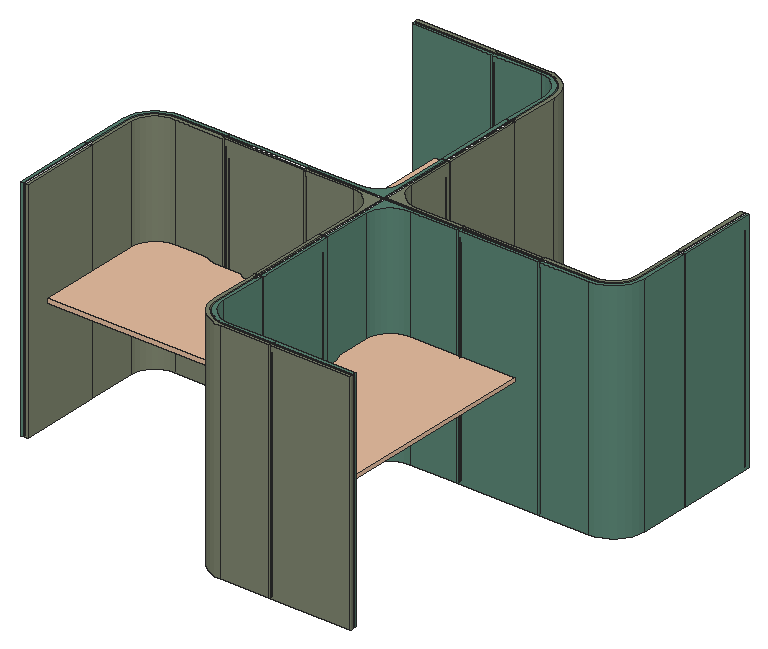
Revit family "NBS_Senator_MeetingPods_Enclave4Windmill", category Furniture, Revit 2018
Family settings
  Work Plane-Based = No
  Always vertical = Yes
  Cut with Voids When Loaded = No
  Shared = No
  Room Calculation Point = No
Parameters
  WindmillWidth = 2950 mm  # constant formula
  WindmillHeight = 1400 mm
  WindmillDepth = 2950 mm  # constant formula
  WarrantyStartDate [instance] = "1900-12-31T23:59:59"
  WarrantyGuarantorParts = "contactus@thesenatorgroup.com"
  WarrantyGuarantorLabor = "n/a"
  WarrantyDurationUnit = "year"
  WarrantyDurationParts = "10"
  WarrantyDurationLabor = "n/a"
  WarrantyDescription = "Senator warrants that its manufactured products are free from manufacturing defects - in materials or workmanship - for a period of ten (10) years on Senator Seating ranges; and fifteen (15) years on Senator Desking ranges - exceptions are listed below. Senator will repair or replace (at Senator’s sole discretion) with comparable free of charge materials / components, any product / component, which fails under normal use in a single shift environment, as a result of a defect in the materials and / or workmanship"
  Version = "1"  # constant formula
  Uniclass2015Version = "Products v1.16"
  Uniclass2015Title = "Meeting Pods"
  Uniclass2015Code = "Pr_40_50_12_53"
  TagNumber [instance] = "n/a"
  SustainabilityPerformance = "99% recyclable"
  Style = "Pods"
  Status = "UNSET"
  Size = "1950 x 2950 x 1400 mm"
  Shape = "n/a"
  SerialNumber [instance] = "n/a"
  SeatWidth = "n/a"
  SeatDepth = "n/a"
  Revision = "n/a"
  ReplacementCost = "n/a"
  Reference = "n/a"
  ProductInformation = "http://www.thesenatorgroup.com/uk/senator/"
  NominalWidth = 2950 mm
  NominalLength = 2950 mm
  NominalHeight = 1400 mm
  NominalDepth = 1950 mm
  Name = "MeetingPods_Enclave4Windmill_PDEN4W14_Senator"
  NBSReference = "45-35-20/342"
  NBSDescription = "Meeting pods"
  NBSCertification = "www.nationalbimlibrary.com/cert/wdwktxqi"
  ModelReference = "Pods-Enclave4Windmill_PDEN4W14"
  ModelNumber = "PDEN4W14"
  Material = "Fabric, metal, plastic"
  ManufacturerURL = "www.senator.co.uk"
  ManufacturerName = "The Senator Group"  # constant formula
  Manufacturer = "sales@senator.co.uk"
  MainColor = "n/a"
  IsBuiltIn = no
  InstallationDate [instance] = "1900-12-31T23:59:59"
  InnerPanelMaterial2 = NBS_Senator_VirginWool_Montcrest
  InnerPanelMaterial1 = NBS_Senator_VirginWool_Lancaster
  IfcExportType = "USERDEFINED"  # constant formula
  IfcExportAs = "IfcFurnitureType"  # constant formula
  Grade = "n/a"
  FramesColour = "Black, white"
  FrameMaterial = NBS_Senator_Aluminium_Rigid_Siver
  TableTopMaterial = NBS_Senator_Wood_HighlandOak_2
  FinishOptions = "Carini walnut, mocha, autumn, strata oak, maple, highland oak, beech, winter oak, hacienda white, white, light grey, denim, clay, lemon sorbet"
  Finish = "Outer vertical panels upholstered in camira, blazer fabric Two tone is standard"
  Features = "Internal frame with multi-layered acoustic foam, levelling adjusters, blazer fabric, outer vertical panels"
  FabricFinishOptions = "Plymouth, fairfield, latymer, lancaster, silcoates, silverdale, st andrews, trevelyan, ulster, wellington, wesley, manchester,"
  ExpectedLife = "10"
  DurationUnit = "year"
  Description = "Enclave Windmill - 1400mm high"
  Constituents = "n/a"
  Color = "n/a"
  CodePerformance = "n/a"
  Category = "Pr_40_50_12_53:Meeting pods"
  BarCode [instance] = "n/a"
  BIMObjectName = "NBS_Senator_MeetingPods_Enclave4Windmill_PDEN4W14"
  Author = "NBS"  # constant formula
  AssetType = "Fixed"
  AssetIdentifier [instance] = "n/a"
  Accessories = "Monitor arms, PU desk accessories, desk top accessories, CPU holders, electrical accessories, coat hanger, name plate, A2 dry wipe board with hanger, A3 dry wipe board with hanger"
  AccessibilityPerformance = "n/a"
Types (3, lengths in mm): name | WindmillHeight | Size | Name | ModelReference | ModelNumber | Description | BIMObjectName
  (no name) | 1400 | "1950 x 2950 x 1400 mm" | "MeetingPods_Enclave4Windmill_PDEN4W14_Senator" | "Pods-Enclave4Windmill_PDEN4W14" | "PDEN4W14" | "Enclave Windmill - 1400mm high" | "NBS_Senator_MeetingPods_Enclave4Windmill_PDEN4W14"
  PDEN4W14 | 1400 | "1950 x 2950 x 1400 mm" | "MeetingPods_Enclave4Windmill_PDEN4W14_Senator" | "Pods-Enclave4Windmill_PDEN4W14" | "PDEN4W14" | "Enclave Windmill - 1400mm high" | "NBS_Senator_MeetingPods_Enclave4Windmill_PDEN4W14"
  PDEN4W18 | 1800 | "1950 x 2950 x 1800 mm" | "MeetingPods_Enclave4Windmill_PDEN4W18_Senator" | "Pods-Enclave4Windmill_PDEN4W18" | "PDEN4W18" | "Enclave Windmill - 1800mm high" | "NBS_Senator_MeetingPods_Enclave4Windmill_PDEN4W18"
Reference planes
  plane 1 "Center (Front/Back)": y = 0
  plane 2: z = 0
  plane 3 "Center (Left/Right)": x = 0
  plane 4 "Back": y = 1475
  plane 5 "Front": y = -1475
  plane 6 "Left": x = -1475
  plane 7 "Right": x = 1475
  plane 8 "Top": z = 1400
  plane 9: y = 1425
  plane 10: x = -1425
  plane 11: y = -1425
  plane 12: x = 1425
  plane 13: x = -25
  plane 14: x = 25
  plane 15: y = 1455
  plane 16: y = 1445
  plane 17: x = -1455
  plane 18: x = -1445
  plane 19: y = -1445.041
  plane 20: y = -1455
  plane 21: x = 1445
  plane 22: x = 1455
  plane 23: y = 25
  plane 24: y = -25
  plane 25: y = 5
  plane 26: y = -5
  plane 27: x = -5
  plane 28: x = 5
  plane 29 "TableHeight": z = 709.775
Forms (mm)
  Extrusion 1, solid, material "NBS_Senator_VirginWool_Lancaster" <- "InnerPanelMaterial1", detail levels fine
    sketch origin (0, 0, 0) x (1, 0, 0) y (0, 1, 0)
      loop
        line (-469.155, 1455) -> (-170, 1455)
        arc (-170, 1455) -> (-46.256, 1403.744) -> (5, 1280) r 175
        line (5, 1280) -> (5, 977.95)
        arc (5, 977.95) -> (15, 972.949) -> (25, 977.95) r 12.5
        line (25, 977.95) -> (25, 1280)
        arc (25, 1280) -> (-32.114, 1417.886) -> (-170, 1475) r 195
        line (-170, 1475) -> (-469.155, 1475)
        arc (-469.155, 1475) -> (-474.336, 1465) -> (-469.155, 1455) r 12.24
      loop
        line (1275, 25) -> (976.114, 25)
        arc (976.114, 25) -> (971.114, 15) -> (976.114, 5) r 12.5
        line (976.114, 5) -> (1280, 5)
        arc (1280, 5) -> (1396.673, 53.327) -> (1445, 170) r 165
        line (1445, 170) -> (1445, 469.104)
        arc (1445, 469.104) -> (1435, 474.119) -> (1425, 469.104) r 12.477
        line (1425, 469.104) -> (1425, 175)
        arc (1425, 175) -> (1381.066, 68.934) -> (1275, 25) r 150
      loop
        line (1425, 966.404) -> (1425, 480.104)
        arc (1425, 480.104) -> (1435, 475.063) -> (1445, 480.104) r 12.439
        line (1445, 480.104) -> (1445, 966.404)
        arc (1445, 966.404) -> (1435, 971.445) -> (1425, 966.404) r 12.439
      loop
        line (25, 175) -> (25, 469.65)
        arc (25, 469.65) -> (15, 474.65) -> (5, 469.65) r 12.5
        line (5, 469.65) -> (5, 5) -> (467.814, 5)
        arc (467.814, 5) -> (472.814, 15) -> (467.814, 25) r 12.5
        line (467.814, 25) -> (175, 25)
        arc (175, 25) -> (68.934, 68.934) -> (25, 175) r 150
      loop
        line (-1425, -966.404) -> (-1425, -480.104)
        arc (-1425, -480.104) -> (-1435, -474.919) -> (-1445, -480.104) r 12.235
        line (-1445, -480.104) -> (-1445, -966.404)
        arc (-1445, -966.404) -> (-1435, -971.449) -> (-1425, -966.404) r 12.433
      loop
        line (-1275, -25) -> (-976.114, -25)
        arc (-976.114, -25) -> (-971.114, -15) -> (-976.114, -5) r 12.5
        line (-976.114, -5) -> (-1280, -5)
        arc (-1280, -5) -> (-1396.673, -53.327) -> (-1445, -170) r 165
        line (-1445, -170) -> (-1445, -469.104)
        arc (-1445, -469.104) -> (-1435, -474.222) -> (-1425, -469.104) r 12.329
        line (-1425, -469.104) -> (-1425, -175)
        arc (-1425, -175) -> (-1381.066, -68.934) -> (-1275, -25) r 150
      loop
        line (-25, -175) -> (-25, -469.65)
        arc (-25, -469.65) -> (-15, -474.65) -> (-5, -469.65) r 12.5
        line (-5, -469.65) -> (-5, -5) -> (-467.815, -5)
        arc (-467.815, -5) -> (-472.815, -15) -> (-467.815, -25) r 12.501
        line (-467.815, -25) -> (-175, -25)
        arc (-175, -25) -> (-68.934, -68.934) -> (-25, -175) r 150
      loop
        arc (469.154, -1475) -> (474.154, -1465) -> (469.154, -1455) r 12.5
        line (469.154, -1455) -> (170, -1455)
        arc (170, -1455) -> (46.256, -1403.744) -> (-5, -1280) r 175
        line (-5, -1280) -> (-5, -977.949)
        arc (-5, -977.949) -> (-15, -972.949) -> (-25, -977.949) r 12.501
        line (-25, -977.949) -> (-25, -1280)
        arc (-25, -1280) -> (32.114, -1417.886) -> (170, -1475) r 195
        line (170, -1475) -> (469.154, -1475)
      loop
        line (5, 966.949) -> (5, 480.65)
        arc (5, 480.65) -> (15, 475.65) -> (25, 480.65) r 12.5
        line (25, 480.65) -> (25, 966.949)
        arc (25, 966.949) -> (15, 971.949) -> (5, 966.949) r 12.5
      loop
        line (478.814, 5) -> (965.114, 5)
        arc (965.114, 5) -> (970.114, 15) -> (965.114, 25) r 12.501
        line (965.114, 25) -> (478.814, 25)
        arc (478.814, 25) -> (473.814, 15) -> (478.814, 5) r 12.501
      loop
        arc (-25, -966.949) -> (-15, -971.949) -> (-5, -966.949) r 12.5
        line (-5, -966.949) -> (-5, -480.65)
        arc (-5, -480.65) -> (-15, -475.65) -> (-25, -480.65) r 12.5
        line (-25, -480.65) -> (-25, -966.949)
      loop
        line (-478.815, -5) -> (-965.114, -5)
        arc (-965.114, -5) -> (-970.115, -15) -> (-965.114, -25) r 12.5
        line (-965.114, -25) -> (-478.815, -25)
        arc (-478.815, -25) -> (-473.815, -15) -> (-478.815, -5) r 12.5
      loop
        line (966.404, -1454.959) -> (480.104, -1454.959)
        arc (480.104, -1454.959) -> (475.088, -1464.979) -> (480.104, -1475) r 12.517
        line (480.104, -1475) -> (966.404, -1475)
        arc (966.404, -1475) -> (971.488, -1464.979) -> (966.404, -1454.959) r 12.416
      loop
        line (-480.688, 1475.041) -> (-966.988, 1475.041)
        arc (-966.988, 1475.041) -> (-972.004, 1465.021) -> (-966.988, 1455) r 12.517
        line (-966.988, 1455) -> (-480.688, 1455)
        arc (-480.688, 1455) -> (-475.604, 1465.021) -> (-480.688, 1475.041) r 12.416
    from 0 to 1400
  Extrusion 2, solid, material "NBS_Senator_VirginWool_Montcrest" <- "InnerPanelMaterial2", detail levels fine
    sketch origin (0, 0, 0) x (1, 0, 0) y (0, 1, 0)
      loop
        line (-966.404, 1425) -> (-480.104, 1425)
        arc (-480.104, 1425) -> (-474.988, 1435) -> (-480.104, 1445) r 12.331
        line (-480.104, 1445) -> (-966.404, 1445)
        arc (-966.404, 1445) -> (-971.611, 1435) -> (-966.404, 1425) r 12.205
      loop
        line (-25, 1275) -> (-25, 976.245)
        arc (-25, 976.245) -> (-15, 971.039) -> (-5, 976.245) r 12.207
        line (-5, 976.245) -> (-5, 1280)
        arc (-5, 1280) -> (-53.327, 1396.673) -> (-170, 1445) r 165
        line (-170, 1445) -> (-469.104, 1445)
        arc (-469.104, 1445) -> (-474.278, 1435) -> (-469.104, 1425) r 12.251
        line (-469.104, 1425) -> (-175, 1425)
        arc (-175, 1425) -> (-68.934, 1381.066) -> (-25, 1275) r 150
      loop
        line (-175, 25) -> (-469.65, 25)
        arc (-469.65, 25) -> (-474.65, 15) -> (-469.65, 5) r 12.5
        line (-469.65, 5) -> (-5, 5) -> (-5, 467.81)
        arc (-5, 467.81) -> (-15, 472.815) -> (-25, 467.81) r 12.493
        line (-25, 467.81) -> (-25, 175)
        arc (-25, 175) -> (-68.934, 68.934) -> (-175, 25) r 150
      loop
        line (-1475, -170) -> (-1475, -469.155)
        arc (-1475, -469.155) -> (-1465, -474.336) -> (-1455, -469.155) r 12.24
        line (-1455, -469.155) -> (-1455, -170)
        arc (-1455, -170) -> (-1403.744, -46.256) -> (-1280, 5) r 175
        line (-1280, 5) -> (-977.95, 5)
        arc (-977.95, 5) -> (-972.949, 15) -> (-977.95, 25) r 12.499
        line (-977.95, 25) -> (-1280, 25)
        arc (-1280, 25) -> (-1417.886, -32.114) -> (-1475, -170) r 195
      loop
        line (966.404, -1425) -> (480.104, -1425)
        arc (480.104, -1425) -> (475.088, -1435.021) -> (480.104, -1445.041) r 12.517
        line (480.104, -1445.041) -> (966.404, -1445.041)
        arc (966.404, -1445.041) -> (971.488, -1435.021) -> (966.404, -1425) r 12.416
      loop
        line (25, -1275) -> (25, -976.114)
        arc (25, -976.114) -> (15.024, -971.114) -> (5.048, -976.114) r 12.452
        line (5.048, -976.114) -> (5.048, -1280.041)
        arc (5.048, -1280.041) -> (53.376, -1396.714) -> (170.048, -1445.041) r 165
        line (170.048, -1445.041) -> (469.104, -1445.041)
        arc (469.104, -1445.041) -> (474.111, -1435.021) -> (469.104, -1425) r 12.531
        line (469.104, -1425) -> (175, -1425)
        arc (175, -1425) -> (68.934, -1381.066) -> (25, -1275) r 150
      loop
        line (175, -25) -> (469.65, -25)
        arc (469.65, -25) -> (474.65, -15) -> (469.65, -5) r 12.5
        line (469.65, -5) -> (5.048, -5) -> (5.048, -467.815)
        arc (5.048, -467.815) -> (15.024, -472.815) -> (25, -467.815) r 12.452
        line (25, -467.815) -> (25, -175)
        arc (25, -175) -> (68.934, -68.934) -> (175, -25) r 150
      loop
        line (1475, 170) -> (1475, 469.154)
        arc (1475, 469.154) -> (1465, 474.155) -> (1455, 469.154) r 12.499
        line (1455, 469.154) -> (1455, 170)
        arc (1455, 170) -> (1403.744, 46.256) -> (1280, -5) r 175
        line (1280, -5) -> (977.96, -5)
        arc (977.96, -5) -> (972.949, -15) -> (977.96, -25) r 12.484
        line (977.96, -25) -> (1280, -25)
        arc (1280, -25) -> (1417.886, 32.114) -> (1475, 170) r 195
      loop
        line (-25, 965.114) -> (-25, 478.815)
        arc (-25, 478.815) -> (-15, 473.814) -> (-5, 478.815) r 12.5
        line (-5, 478.815) -> (-5, 965.114)
        arc (-5, 965.114) -> (-15, 970.114) -> (-25, 965.114) r 12.5
      loop
        arc (-480.65, 5) -> (-475.65, 15) -> (-480.65, 25) r 12.5
        line (-480.65, 25) -> (-966.949, 25)
        arc (-966.949, 25) -> (-971.949, 15) -> (-966.949, 5) r 12.5
        line (-966.949, 5) -> (-480.65, 5)
      loop
        line (966.949, -5) -> (480.65, -5)
        arc (480.65, -5) -> (475.65, -15) -> (480.65, -25) r 12.5
        line (480.65, -25) -> (966.949, -25)
        arc (966.949, -25) -> (971.949, -15) -> (966.949, -5) r 12.5
      loop
        line (5.048, -478.815) -> (5.048, -965.114)
        arc (5.048, -965.114) -> (15.024, -970.115) -> (25, -965.114) r 12.451
        line (25, -965.114) -> (25, -478.815)
        arc (25, -478.815) -> (15.024, -473.815) -> (5.048, -478.815) r 12.451
      loop
        line (1454.959, 966.404) -> (1454.959, 480.104)
        arc (1454.959, 480.104) -> (1464.979, 475.088) -> (1475, 480.104) r 12.517
        line (1475, 480.104) -> (1475, 966.404)
        arc (1475, 966.404) -> (1464.979, 971.488) -> (1454.959, 966.404) r 12.416
      loop
        line (-1475, -480.104) -> (-1475, -966.404)
        arc (-1475, -966.404) -> (-1464.979, -971.42) -> (-1454.959, -966.404) r 12.517
        line (-1454.959, -966.404) -> (-1454.959, -480.104)
        arc (-1454.959, -480.104) -> (-1464.979, -475.02) -> (-1475, -480.104) r 12.416
    from 0 to 1400
  Extrusion 3, solid, material "NBS_Senator_Aluminium_Rigid_Siver" <- "FrameMaterial", detail levels fine
    sketch origin (0, 0, 0) x (1, 0, 0) y (0, 1, 0)
      loop
        line (-1445, -966.404) -> (-1445, -449.031) -> (-1455, -449.031) -> (-1455, -966.404)
        arc (-1455, -966.404) -> (-1450, -969.305) -> (-1445, -966.404) r 5.759
      loop
        line (-996.187, 5) -> (-996.187, -5) -> (-478.293, -5)
        arc (-478.293, -5) -> (-474.567, 0) -> (-478.293, 5) r 5.218
        line (-478.293, 5) -> (-996.187, 5)
      loop
        line (996.216, 5) -> (478.293, 5)
        arc (478.293, 5) -> (474.521, 0) -> (478.293, -5) r 5.2
        line (478.293, -5) -> (996.216, -5) -> (996.216, 5)
      loop
        arc (-468.337, 5) -> (-472.054, 0) -> (-468.337, -5) r 5.221
        line (-468.337, -5) -> (-4.993, -5) -> (-4.993, -470.171)
        arc (-4.993, -470.171) -> (0.028, -473.914) -> (5.05, -470.171) r 5.24
        line (5.05, -470.171) -> (5.05, -5) -> (468.336, -5)
        arc (468.336, -5) -> (472.077, 0) -> (468.336, 5) r 5.212
        line (468.336, 5) -> (5, 5) -> (5, 470.171)
        arc (5, 470.171) -> (0, 473.889) -> (-5, 470.171) r 5.221
        line (-5, 470.171) -> (-5, 5) -> (-468.337, 5)
      loop
        line (-4.993, -998.022) -> (5.05, -998.022) -> (5.05, -480.128)
        arc (5.05, -480.128) -> (0.028, -476.385) -> (-4.993, -480.128) r 5.24
        line (-4.993, -480.128) -> (-4.993, -998.022)
      loop
        line (-5, 998.021) -> (-5, 480.128)
        arc (-5, 480.128) -> (0, 476.411) -> (5, 480.128) r 5.221
        line (5, 480.128) -> (5, 998.021) -> (-5, 998.021)
      loop
        arc (966.975, -1455) -> (970.677, -1450.021) -> (966.975, -1445.041) r 5.2
        line (966.975, -1445.041) -> (449.081, -1445.041) -> (449.081, -1455) -> (966.975, -1455)
      loop
        line (1445, 449.031) -> (1455, 449.031) -> (1455, 966.925)
        arc (1455, 966.925) -> (1450, 970.727) -> (1445, 966.925) r 5.189
        line (1445, 966.925) -> (1445, 449.031)
      loop
        line (-966.988, 1445) -> (-449.053, 1445) -> (-449.053, 1455) -> (-966.988, 1455)
        arc (-966.988, 1455) -> (-970.759, 1450) -> (-966.988, 1445) r 5.2
    from 0 to 1400
  Extrusion 4, solid, material "NBS_Senator_VirginWool_Lancaster" <- "InnerPanelMaterial1", detail levels coarse+medium
    sketch origin (0, 0, 0) x (1, 0, 0) y (0, 1, 0)
      loop
        arc (-959.23, 1476.25) -> (-985.792, 1449.687) -> (-959.23, 1423.125) r 26.562
        line (-959.23, 1423.125) -> (-175.849, 1423.125)
        arc (-175.849, 1423.125) -> (-69.8, 1379.198) -> (-25.874, 1273.15) r 149.975
        line (-25.874, 1273.15) -> (-25.874, 176.25)
        arc (-25.874, 176.25) -> (-69.808, 70.184) -> (-175.874, 26.25) r 150
        line (-175.874, 26.25) -> (-1283.2, 26.25)
        arc (-1283.2, 26.25) -> (-1421.086, -30.864) -> (-1478.2, -168.75) r 195
        line (-1478.2, -168.75) -> (-1478.2, -963.595)
        arc (-1478.2, -963.595) -> (-1450.7, -991.095) -> (-1423.2, -963.595) r 27.5
        line (-1423.2, -963.595) -> (-1423.2, -175.952)
        arc (-1423.2, -175.952) -> (-1379.266, -69.886) -> (-1273.2, -25.952) r 150
        line (-1273.2, -25.952) -> (-177.749, -25.952)
        arc (-177.749, -25.952) -> (-71.683, -69.886) -> (-27.749, -175.952) r 150
        line (-27.749, -175.952) -> (-27.749, -1282.867)
        arc (-27.749, -1282.867) -> (29.366, -1420.753) -> (167.251, -1477.867) r 195
        line (167.251, -1477.867) -> (954.4, -1477.867)
        arc (954.4, -1477.867) -> (982.525, -1449.742) -> (954.4, -1421.617) r 28.125
        line (954.4, -1421.617) -> (178.039, -1421.617)
        arc (178.039, -1421.617) -> (71.973, -1377.683) -> (28.039, -1271.617) r 150
        line (28.039, -1271.617) -> (28.039, -177.437)
        arc (28.039, -177.437) -> (71.973, -71.371) -> (178.039, -27.437) r 150
        line (178.039, -27.437) -> (1276.789, -27.437)
        arc (1276.789, -27.437) -> (1418.21, 31.142) -> (1476.789, 172.563) r 200
        line (1476.789, 172.563) -> (1476.789, 967.162)
        arc (1476.789, 967.162) -> (1450.539, 993.412) -> (1424.289, 967.162) r 26.25
        line (1424.289, 967.162) -> (1424.289, 175.688)
        arc (1424.289, 175.688) -> (1380.355, 69.622) -> (1274.289, 25.688) r 150
        line (1274.289, 25.688) -> (176.47, 25.688)
        arc (176.47, 25.688) -> (70.404, 69.622) -> (26.47, 175.688) r 150
        line (26.47, 175.688) -> (26.47, 1281.25)
        arc (26.47, 1281.25) -> (-30.644, 1419.136) -> (-168.53, 1476.25) r 195
        line (-168.53, 1476.25) -> (-959.23, 1476.25)
    from 0 to 1400
Dimensions and locks
  equal spacing: plane 6 "Left", plane 3 "Center (Left/Right)", plane 7 "Right"
  "WindmillWidth": plane 6 "Left" to plane 7 "Right"
  equal spacing: plane 4 "Back", plane 1 "Center (Front/Back)", plane 5 "Front"
  "WindmillDepth": plane 4 "Back" to plane 5 "Front"
  "WindmillHeight": plane 8 "Top" to level
  equal spacing: plane 13, plane 3 "Center (Left/Right)", plane 14
  locked: plane 13 to plane 14 at 50
  locked: plane 4 "Back" to plane 9 at 50
  locked: plane 11 to plane 5 "Front" at 50
  locked: plane 6 "Left" to plane 10 at 50
  locked: plane 12 to plane 7 "Right" at 50
  locked: plane 4 "Back" to plane 15 at 20
  locked: plane 16 to plane 9 at 20
  locked: plane 6 "Left" to plane 17 at 20
  locked: plane 18 to plane 10 at 20
  locked: plane 11 to plane 19 at 20.041
  locked: plane 20 to plane 5 "Front" at 20
  locked: plane 12 to plane 21 at 20
  locked: plane 22 to plane 7 "Right" at 20
  equal spacing: plane 23, plane 1 "Center (Front/Back)", plane 24
  plane 23 to plane 24 = 50 mm
  locked: plane 23 to plane 25 at 20
  locked: plane 26 to plane 24 at 20
  locked: plane 28 to plane 14 at 20
  locked: plane 13 to plane 27 at 20
  locked: plane 29 "TableHeight" to level at 709.775
  aligned and locked: level to plane 2
  aligned and locked: Extrusion 1 to plane 8 "Top"
  aligned and locked: Extrusion 2 sketch curve to plane 27
  aligned and locked: Extrusion 2 to plane 8 "Top"
  aligned and locked: plane 13 to nested 1
  aligned and locked: nested 1 to plane 9
  aligned and locked: nested 2 to plane 23
  aligned and locked: plane 14 to nested 2
  aligned and locked: plane 14 to nested 3
  aligned and locked: plane 24 to nested 3
  aligned and locked: plane 24 to nested 4
  aligned and locked: plane 13 to nested 4
  aligned and locked: nested 4 to plane 29 "TableHeight"
  aligned and locked: nested 1 to plane 29 "TableHeight"
  aligned and locked: nested 3 to plane 29 "TableHeight"
  aligned and locked: nested 2 to plane 29 "TableHeight"
  aligned and locked: plane 25 to Extrusion 3 sketch curve
  aligned and locked: Extrusion 3 sketch curve to plane 26
  aligned and locked: Extrusion 3 sketch curve to plane 27
  aligned and locked: Extrusion 3 sketch curve to plane 28
  aligned and locked: Extrusion 3 to plane 8 "Top"
  aligned and locked: Extrusion 4 to plane 8 "Top"
Automatic sketch dimensions
  Extrusion 3 sketch curve to plane 17 = 0 mm
  Extrusion 3 sketch curve to plane 18 = 0 mm
  Extrusion 3 sketch curve to plane 25 = 0 mm  (x3)
  Extrusion 3 sketch curve to plane 16 = 0 mm
  plane 1 "Center (Front/Back)" to Extrusion 3 sketch curve = 0 mm  (x4)
  Extrusion 3 sketch curve to plane 26 = 0 mm  (x3)
  Extrusion 3 sketch curve to plane 27 = 0 mm
  Extrusion 3 sketch curve to plane 3 "Center (Left/Right)" = 0 mm  (x2)
  Extrusion 3 sketch curve to plane 28 = 0 mm
  Extrusion 3 sketch curve to plane 19 = 0 mm
  Extrusion 3 sketch curve to plane 20 = 0 mm
  Extrusion 3 sketch curve to plane 21 = 0 mm
  Extrusion 3 sketch curve to plane 22 = 0 mm
  Extrusion 3 sketch curve to plane 17 = 5 mm
  plane 10 to Extrusion 3 sketch curve = 428.813 mm
  plane 10 to Extrusion 3 sketch curve = 459.441 mm
  Extrusion 3 sketch curve to plane 13 = 454.784 mm
  Extrusion 3 sketch curve to Extrusion 3 sketch curve = 1.491 mm
  Extrusion 3 sketch curve to Extrusion 3 sketch curve = 9.957 mm  (x3)
  Extrusion 3 sketch curve to Extrusion 3 sketch curve = 1.504 mm  (x3)
  Extrusion 3 sketch curve to plane 13 = 424.053 mm
  plane 27 to Extrusion 3 sketch curve = 0.007 mm  (x2)
  plane 3 "Center (Left/Right)" to Extrusion 3 sketch curve = 0.028 mm  (x2)
  Extrusion 3 sketch curve to plane 28 = 0.05 mm  (x2)
  Extrusion 3 sketch curve to plane 14 = 424.081 mm
  Extrusion 3 sketch curve to plane 14 = 441.866 mm
  Extrusion 3 sketch curve to Extrusion 3 sketch curve = 1.471 mm
  Extrusion 3 sketch curve to Extrusion 3 sketch curve = 9.956 mm
  Extrusion 3 sketch curve to Extrusion 3 sketch curve = 1.428 mm  (x2)
  Extrusion 3 sketch curve to plane 19 = 4.979 mm
  Extrusion 3 sketch curve to plane 12 = 459.523 mm
  Extrusion 3 sketch curve to Extrusion 3 sketch curve = 1.498 mm
  Extrusion 3 sketch curve to plane 12 = 428.784 mm
  plane 21 to Extrusion 3 sketch curve = 5 mm
  plane 11 to Extrusion 3 sketch curve = 426.978 mm
  plane 11 to Extrusion 3 sketch curve = 458.596 mm
  Extrusion 3 sketch curve to Extrusion 3 sketch curve = 2.857 mm
  Extrusion 3 sketch curve to plane 24 = 456.624 mm
  Extrusion 3 sketch curve to Extrusion 3 sketch curve = 1.496 mm
  Extrusion 3 sketch curve to Extrusion 3 sketch curve = 1.497 mm
  Extrusion 3 sketch curve to plane 24 = 424.031 mm
  plane 23 to Extrusion 3 sketch curve = 424.031 mm
  plane 23 to Extrusion 3 sketch curve = 443.667 mm
  Extrusion 3 sketch curve to plane 9 = 459.462 mm
  Extrusion 3 sketch curve to Extrusion 3 sketch curve = 1.387 mm
  Extrusion 3 sketch curve to plane 9 = 426.979 mm
  Extrusion 3 sketch curve to Extrusion 3 sketch curve = 0 mm
  Extrusion 3 sketch curve to plane 15 = 0 mm
  Extrusion 4 sketch curve to plane 6 "Left" = 3.2 mm
  Extrusion 4 sketch curve to plane 17 = 4.3 mm
  Extrusion 4 sketch curve to Extrusion 4 sketch curve = 140 mm
  Extrusion 4 sketch curve to plane 24 = 0.952 mm
  Extrusion 4 sketch curve to Extrusion 4 sketch curve = 10 mm
  plane 16 to Extrusion 4 sketch curve = 4.687 mm
  plane 10 to Extrusion 4 sketch curve = 465.77 mm
  Extrusion 4 sketch curve to plane 13 = 152.749 mm
  Extrusion 4 sketch curve to plane 13 = 150.874 mm
  Extrusion 4 sketch curve to plane 9 = 1.875 mm
  Extrusion 4 sketch curve to plane 13 = 150.849 mm
  Extrusion 4 sketch curve to Extrusion 4 sketch curve = 7.319 mm
  Extrusion 4 sketch curve to plane 13 = 2.749 mm
  Extrusion 4 sketch curve to plane 13 = 0.874 mm
  Extrusion 4 sketch curve to plane 14 = 1.47 mm
  Extrusion 4 sketch curve to plane 14 = 3.039 mm
  Extrusion 4 sketch curve to Extrusion 4 sketch curve = 139.212 mm
  Extrusion 4 sketch curve to Extrusion 4 sketch curve = 150 mm  (x2)
  Extrusion 4 sketch curve to Extrusion 4 sketch curve = 10.788 mm
  plane 11 to Extrusion 4 sketch curve = 3.383 mm
  Extrusion 4 sketch curve to plane 12 = 470.6 mm
  Extrusion 4 sketch curve to plane 12 = 150.711 mm
  Extrusion 4 sketch curve to Extrusion 4 sketch curve = 2.5 mm
  Extrusion 4 sketch curve to plane 12 = 0.711 mm
  Extrusion 4 sketch curve to plane 22 = 4.461 mm
  Extrusion 4 sketch curve to plane 19 = 4.701 mm
  plane 11 to Extrusion 4 sketch curve = 461.405 mm
  Extrusion 4 sketch curve to Extrusion 4 sketch curve = 1.484 mm
  Extrusion 4 sketch curve to Extrusion 4 sketch curve = 7.202 mm
  plane 23 to Extrusion 4 sketch curve = 0.688 mm
  Extrusion 4 sketch curve to plane 9 = 457.838 mm
  Extrusion 1 sketch curve to Extrusion 1 sketch curve = 0 mm  (x5)
  Extrusion 1 sketch curve to plane 18 = 0 mm  (x2)
  Extrusion 1 sketch curve to plane 10 = 0 mm  (x2)
  Extrusion 1 sketch curve to plane 26 = 0 mm  (x3)
  Extrusion 1 sketch curve to plane 24 = 0 mm  (x3)
  Extrusion 1 sketch curve to plane 15 = 0 mm  (x2)
  Extrusion 1 sketch curve to plane 4 "Back" = 0 mm
  Extrusion 1 sketch curve to plane 13 = 0 mm  (x3)
  Extrusion 1 sketch curve to plane 27 = 0 mm  (x3)
  Extrusion 1 sketch curve to plane 28 = 0 mm  (x3)
  Extrusion 1 sketch curve to plane 14 = 0 mm  (x2)
  Extrusion 1 sketch curve to plane 20 = 0 mm
  Extrusion 1 sketch curve to plane 23 = 0 mm  (x3)
  Extrusion 1 sketch curve to plane 25 = 0 mm  (x3)
  Extrusion 1 sketch curve to plane 5 "Front" = 0 mm
  Extrusion 1 sketch curve to plane 12 = 0 mm  (x2)
  Extrusion 1 sketch curve to plane 21 = 0 mm  (x2)
  Extrusion 1 sketch curve to plane 10 = 10 mm  (x3)
  plane 10 to Extrusion 1 sketch curve = 145 mm
  Extrusion 1 sketch curve to Extrusion 1 sketch curve = 5 mm  (x2)
  plane 24 to Extrusion 1 sketch curve = 10 mm  (x2)
  Extrusion 1 sketch curve to Extrusion 1 sketch curve = 291.385 mm
  Extrusion 1 sketch curve to Extrusion 1 sketch curve = 7.5 mm  (x11)
  plane 4 "Back" to Extrusion 1 sketch curve = 0.041 mm
  plane 10 to Extrusion 1 sketch curve = 458.012 mm
  Extrusion 1 sketch curve to Extrusion 1 sketch curve = 11 mm  (x12)
  Extrusion 1 sketch curve to Extrusion 1 sketch curve = 7.502 mm  (x2)
  Extrusion 1 sketch curve to plane 4 "Back" = 9.979 mm
  Extrusion 1 sketch curve to plane 13 = 463.02 mm
  Extrusion 1 sketch curve to plane 13 = 461.314 mm
  Extrusion 1 sketch curve to Extrusion 1 sketch curve = 7.332 mm  (x2)
  Extrusion 1 sketch curve to Extrusion 1 sketch curve = 7.499 mm  (x2)
  Extrusion 1 sketch curve to Extrusion 1 sketch curve = 11.534 mm  (x2)
  Extrusion 1 sketch curve to Extrusion 1 sketch curve = 7.059 mm
  Extrusion 1 sketch curve to Extrusion 1 sketch curve = 7.501 mm  (x4)
  Extrusion 1 sketch curve to plane 13 = 150 mm
  Extrusion 1 sketch curve to plane 9 = 145 mm
  plane 13 to Extrusion 1 sketch curve = 10 mm  (x4)
  plane 14 to Extrusion 1 sketch curve = 10 mm  (x4)
  Extrusion 1 sketch curve to plane 14 = 145 mm
  Extrusion 1 sketch curve to plane 14 = 150 mm
  Extrusion 1 sketch curve to plane 23 = 10 mm  (x2)
  Extrusion 1 sketch curve to Extrusion 1 sketch curve = 285.315 mm
  plane 5 "Front" to Extrusion 1 sketch curve = 10 mm
  Extrusion 1 sketch curve to Extrusion 1 sketch curve = 291.655 mm
  plane 20 to Extrusion 1 sketch curve = 0.041 mm
  Extrusion 1 sketch curve to Extrusion 1 sketch curve = 10.95 mm  (x2)
  Extrusion 1 sketch curve to plane 12 = 467.387 mm
  Extrusion 1 sketch curve to plane 20 = 9.979 mm
  Extrusion 1 sketch curve to plane 12 = 465.928 mm
  Extrusion 1 sketch curve to Extrusion 1 sketch curve = 10.999 mm  (x2)
  Extrusion 1 sketch curve to Extrusion 1 sketch curve = 150 mm
  plane 12 to Extrusion 1 sketch curve = 10 mm  (x3)
  Extrusion 1 sketch curve to Extrusion 1 sketch curve = 294.55 mm
  plane 11 to Extrusion 1 sketch curve = 458.596 mm
  Extrusion 1 sketch curve to Extrusion 1 sketch curve = 7.387 mm
  Extrusion 1 sketch curve to Extrusion 1 sketch curve = 313.149 mm
  Extrusion 1 sketch curve to Extrusion 1 sketch curve = 312.154 mm
  Extrusion 1 sketch curve to Extrusion 1 sketch curve = 7.05 mm
  Extrusion 1 sketch curve to Extrusion 1 sketch curve = 7.211 mm
  Extrusion 1 sketch curve to Extrusion 1 sketch curve = 286.642 mm
  Extrusion 1 sketch curve to Extrusion 1 sketch curve = 287.15 mm
  Extrusion 1 sketch curve to Extrusion 1 sketch curve = 7.462 mm
  Extrusion 1 sketch curve to Extrusion 1 sketch curve = 7.397 mm  (x2)
  Extrusion 1 sketch curve to plane 9 = 465.994 mm
  Extrusion 1 sketch curve to Extrusion 1 sketch curve = 320.55 mm
  Extrusion 2 sketch curve to Extrusion 2 sketch curve = 0 mm  (x5)
  Extrusion 2 sketch curve to plane 6 "Left" = 0 mm
  Extrusion 2 sketch curve to plane 17 = 0 mm
  plane 18 to Extrusion 2 sketch curve = 30 mm
  Extrusion 2 sketch curve to plane 25 = 0 mm  (x3)
  Extrusion 2 sketch curve to plane 23 = 0 mm  (x2)
  Extrusion 2 sketch curve to plane 9 = 0 mm  (x2)
  Extrusion 2 sketch curve to plane 16 = 0 mm  (x2)
  Extrusion 2 sketch curve to plane 13 = 0 mm  (x3)
  Extrusion 2 sketch curve to plane 27 = 0 mm  (x2)
  Extrusion 2 sketch curve to plane 26 = 0 mm  (x3)
  Extrusion 2 sketch curve to plane 14 = 0 mm  (x3)
  Extrusion 2 sketch curve to plane 19 = 0 mm  (x2)
  Extrusion 2 sketch curve to plane 24 = 0 mm  (x3)
  Extrusion 2 sketch curve to plane 11 = 0 mm  (x2)
  Extrusion 2 sketch curve to plane 22 = 0 mm
  Extrusion 2 sketch curve to plane 7 "Right" = 0 mm
  plane 6 "Left" to Extrusion 2 sketch curve = 10 mm
  Extrusion 2 sketch curve to plane 10 = 39.979 mm  (x2)
  Extrusion 2 sketch curve to plane 10 = 29.959 mm
  plane 10 to Extrusion 2 sketch curve = 145 mm
  Extrusion 2 sketch curve to plane 23 = 10 mm  (x2)
  Extrusion 2 sketch curve to Extrusion 2 sketch curve = 294.552 mm
  Extrusion 2 sketch curve to Extrusion 2 sketch curve = 7.499 mm  (x3)
  Extrusion 2 sketch curve to Extrusion 2 sketch curve = 11.001 mm  (x2)
  plane 10 to Extrusion 2 sketch curve = 458.596 mm
  Extrusion 2 sketch curve to Extrusion 2 sketch curve = 7.5 mm  (x7)
  Extrusion 2 sketch curve to Extrusion 2 sketch curve = 6.998 mm
  Extrusion 2 sketch curve to plane 13 = 463.149 mm
  plane 9 to Extrusion 2 sketch curve = 10 mm
  Extrusion 2 sketch curve to plane 13 = 462.319 mm
  Extrusion 2 sketch curve to Extrusion 2 sketch curve = 7.215 mm
  Extrusion 2 sketch curve to Extrusion 2 sketch curve = 11 mm  (x10)
  Extrusion 2 sketch curve to Extrusion 2 sketch curve = 7.078 mm
  Extrusion 2 sketch curve to plane 13 = 150 mm
  Extrusion 2 sketch curve to Extrusion 2 sketch curve = 150 mm
  Extrusion 2 sketch curve to Extrusion 2 sketch curve = 5 mm
  plane 13 to Extrusion 2 sketch curve = 10 mm  (x4)
  Extrusion 2 sketch curve to plane 28 = 0.048 mm  (x3)
  plane 14 to Extrusion 2 sketch curve = 9.976 mm  (x4)
  plane 11 to Extrusion 2 sketch curve = 144.959 mm
  Extrusion 2 sketch curve to plane 14 = 150 mm
  Extrusion 2 sketch curve to Extrusion 2 sketch curve = 4.952 mm
  Extrusion 2 sketch curve to plane 11 = 10.021 mm  (x2)
  Extrusion 2 sketch curve to Extrusion 2 sketch curve = 286.581 mm
  plane 24 to Extrusion 2 sketch curve = 10 mm  (x2)
  Extrusion 2 sketch curve to Extrusion 2 sketch curve = 287.15 mm
  Extrusion 2 sketch curve to Extrusion 2 sketch curve = 7.523 mm
  Extrusion 2 sketch curve to Extrusion 2 sketch curve = 7.502 mm  (x3)
  Extrusion 2 sketch curve to plane 12 = 465.928 mm
  Extrusion 2 sketch curve to plane 12 = 465.55 mm
  Extrusion 2 sketch curve to Extrusion 2 sketch curve = 7.332 mm  (x3)
  Extrusion 2 sketch curve to Extrusion 2 sketch curve = 11.011 mm  (x2)
  Extrusion 2 sketch curve to Extrusion 2 sketch curve = 7.473 mm
  Extrusion 2 sketch curve to plane 12 = 145 mm
  Extrusion 2 sketch curve to plane 22 = 0.041 mm
  plane 22 to Extrusion 2 sketch curve = 9.979 mm  (x2)
  Extrusion 2 sketch curve to plane 7 "Right" = 10 mm
  Extrusion 2 sketch curve to Extrusion 2 sketch curve = 291.434 mm
  Extrusion 2 sketch curve to Extrusion 2 sketch curve = 7.452 mm
  plane 11 to Extrusion 2 sketch curve = 458.596 mm
  Extrusion 2 sketch curve to Extrusion 2 sketch curve = 7.451 mm  (x3)
  Extrusion 2 sketch curve to Extrusion 2 sketch curve = 317.436 mm
  Extrusion 2 sketch curve to Extrusion 2 sketch curve = 311.266 mm
  Extrusion 2 sketch curve to Extrusion 2 sketch curve = 10.95 mm  (x2)
  Extrusion 2 sketch curve to Extrusion 2 sketch curve = 7.059 mm
  Extrusion 2 sketch curve to Extrusion 2 sketch curve = 285.322 mm
  Extrusion 2 sketch curve to Extrusion 2 sketch curve = 291.655 mm
  Extrusion 2 sketch curve to Extrusion 2 sketch curve = 7.488 mm
  Extrusion 2 sketch curve to Extrusion 2 sketch curve = 11.005 mm
  Extrusion 2 sketch curve to Extrusion 2 sketch curve = 317.385 mm
  Extrusion 2 sketch curve to plane 9 = 465.928 mm
  Extrusion 2 sketch curve to Extrusion 2 sketch curve = 11.131 mm
  Extrusion 2 sketch curve to Extrusion 2 sketch curve = 7.001 mm
Nested families
  nested 1: "NBS_Senator_MeetingPods_Desk_PDSAT2" at (-425, 725, 684.775) x (0, -1, 0) z (0, 0, 1), type "NBS_Senator_Desk_PDSAT2"
  nested 2: "NBS_Senator_MeetingPods_Desk_PDSAT2" at (725, 425, 684.775) x (-1, 0, 0) z (0, 0, 1), type "NBS_Senator_Desk_PDSAT2"
  nested 3: "NBS_Senator_MeetingPods_Desk_PDSAT2" at (425, -725, 684.775) x (0, 1, 0) z (0, 0, 1), type "NBS_Senator_Desk_PDSAT2"
  nested 4: "NBS_Senator_MeetingPods_Desk_PDSAT2" at (-725, -425, 684.775), type "NBS_Senator_Desk_PDSAT2"
Definition of nested family "NBS_Senator_MeetingPods_Desk_PDSAT2"
  Parameters (values of type "NBS_Senator_MeetingPods_Desk_PDSAT2")
    DeskWidth = 1400 mm
    DeskThickness = 25 mm
    DeskMaterial = none
    DeskDepth = 800 mm
  Reference planes
    plane 1 "Back": y = 0
    plane 2 "Bottom": z = 0
    plane 3 "Center (Left/Right)": x = 0
    plane 4 "Left": x = -700
    plane 5 "Right": x = 700
    plane 6 "Front": y = -400
    plane 7 "Top": z = 25
    plane 8: y = 400
  Forms (mm)
    Extrusion 1, solid, material <- "DeskMaterial", detail levels medium+fine
      sketch origin (0, 400, 0) x (1, 0, 0) y (0, 1, 0)
        loop
          arc (-550, 0) -> (-656.066, -43.934) -> (-700, -150) r 150
          line (-700, -150) -> (-700, -800) -> (700, -800) -> (700, -150)
          arc (700, -150) -> (656.066, -43.934) -> (550, 0) r 150
          line (550, 0) -> (369.041, 0) -> (289.799, -29.69) -> (126.526, -29.69) -> (84.186, -54.135) -> (-84.186, -54.135) -> (-126.526, -29.69) -> (-289.799, -29.69) -> (-369.041, 0) -> (-550, 0)
      from 0 to 25
    Extrusion 2, solid, material <- "DeskMaterial", detail levels coarse
      sketch origin (0, 0, 0) x (1, 0, 0) y (0, 1, 0)
        loop
          arc (-552, 400) -> (-656.652, 356.652) -> (-700, 252) r 148
          line (-700, 252) -> (-700, -400) -> (700, -400) -> (700, 257.372)
          arc (700, 257.372) -> (658.225, 358.225) -> (557.372, 400) r 142.628
          line (557.372, 400) -> (-552, 400)
      from 0 to 25
  Dimensions and locks
    equal spacing: plane 4 "Left", plane 3 "Center (Left/Right)", plane 5 "Right"
    "DeskWidth": plane 4 "Left" to plane 5 "Right"
    Extrusion 1 sketch curve to Extrusion 1 sketch curve to Extrusion 1 sketch curve to plane 3 "Center (Left/Right)" to Extrusion 1 sketch curve to Extrusion 1 sketch curve to Extrusion 1 sketch curve = 79.242 mm locked, 163.273 mm locked, 126.526 mm locked, 126.526 mm locked, 163.273 mm locked, 79.242 mm locked
    "DeskThickness": plane 7 "Top" to level
    equal spacing: plane 8, plane 1 "Back", plane 6 "Front"
    "DeskDepth": plane 8 to plane 6 "Front"
    aligned and locked: level to plane 2 "Bottom"
    aligned and locked: plane 4 "Left" to Extrusion 1 sketch curve
    aligned and locked: Extrusion 1 sketch curve to plane 5 "Right"
    aligned and locked: Extrusion 1 to plane 2 "Bottom"
    aligned and locked: plane 7 "Top" to Extrusion 1
    aligned and locked: Extrusion 1 to plane 6 "Front"
    aligned and locked: Extrusion 1 to plane 4 "Left"
    aligned and locked: plane 5 "Right" to Extrusion 1
    aligned and locked: plane 8 to Extrusion 1  (x2)
    aligned and locked: Extrusion 2 sketch curve to plane 8
    aligned and locked: plane 4 "Left" to Extrusion 2 sketch curve
    aligned and locked: plane 6 "Front" to Extrusion 2 sketch curve
    aligned and locked: Extrusion 2 sketch curve to plane 5 "Right"
    aligned and locked: plane 7 "Top" to Extrusion 2
  Automatic sketch dimensions
    plane 4 "Left" to Extrusion 1 sketch curve = 150 mm
    Extrusion 1 sketch curve to plane 1 "Back" = 250 mm  (x2)
    Extrusion 1 sketch curve to plane 1 "Back" = 370.31 mm  (x2)
    Extrusion 1 sketch curve to Extrusion 1 sketch curve = 42.34 mm  (x2)
    Extrusion 1 sketch curve to plane 1 "Back" = 400 mm
    Extrusion 1 sketch curve to Extrusion 1 sketch curve = 24.445 mm
    plane 1 "Back" to Extrusion 1 sketch curve = 400 mm
    Extrusion 2 sketch curve to Extrusion 2 sketch curve = 148 mm
    Extrusion 2 sketch curve to plane 5 "Right" = 142.628 mm
